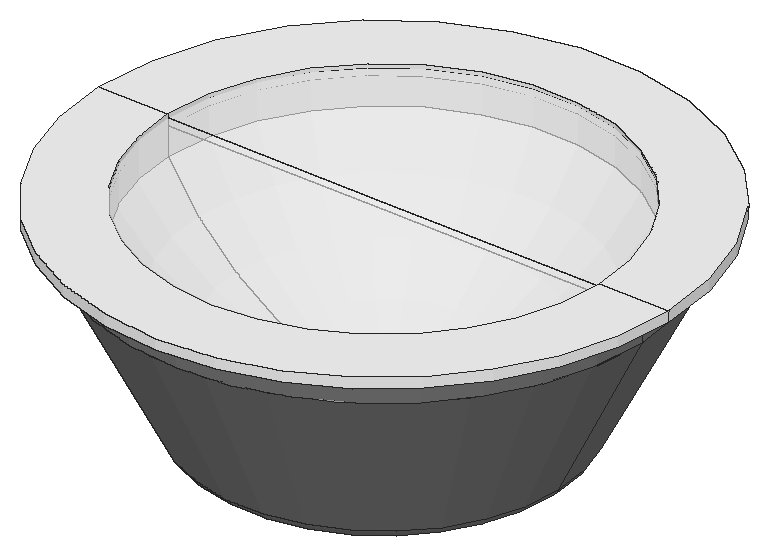
Revit family "30534", category Lighting Fixtures, host Face, Revit 2018
Family settings
  Host = Face
  Round Connector Dimension = Use Diameter
  Part Type = Normal
  OmniClass Number = 23.80.70.00
  OmniClass Title = Lighting
  Cut with Voids When Loaded = No
  Light Source = Yes
  Shared = No
  Room Calculation Point = No
Parameters (values of type "0030534 INSAVER SL U19 IP44 DALI 150 1150LM 830 ")
  WidthBezel_SYL = if(Size1_SYL, 20 mm, if(Size2_SYL, 20 mm, if(Size3PIR_SYL, 30 mm, if(Size4_SYL, 20 mm, 20 mm))))  # 20 mm
  Weight = "n/a"
  Wattage Comments = ""
  Wattage = 12 W
  WarrantyStartDate [instance] = "n/a"
  WarrantyGuarantorParts = "n/a"
  WarrantyDurationUnit = "n/a"
  WarrantyDurationParts = ""
  WarrantyDescription = "http://www.sylvania-lighting.com"
  built-in parameter 1150110 = 1 (stored number, unit not read)
  Voltage = 230 V
  VisibilityPIR_SYL = Size3PIR_SYL  # no
  URL = "0.97"
  TypeName = "Insaver Slim UGR19 IP44 DALI 150 1150lm 830"
  Type Image = <None>
  Type Comments = "n/a"
  built-in parameter 1114217 = 1 (stored number, unit not read)
  Tilt Angle = -90.00°
  built-in parameter 1150109 = 1 (stored number, unit not read)
  built-in parameter 1150134 = (empty or 0)
  built-in parameter 1150113 = 1 (stored number, unit not read)
  Size4_SYL = no
  Size3PIR_SYL = no
  Size2_SYL = no
  Size1_SYL = yes
  SerialNumber [instance] = "n/a"
  RadiusTop_SYL = 6 mm
  RadiusReflector_SYL = if(Size1_SYL, 85 mm, if(Size2_SYL, 85 mm, if(Size3PIR_SYL, 85 mm, if(Size4_SYL, 100 mm, 120 mm))))  # 85 mm
  Photometric Web File = "0030534.IES"
  Material_3_FEILO = Top-Sylvania-STARTDownlight
  PowerFactor = 0.9
  PowerConsumption = "Lighting"
  NominalLength = 165 mm
  NominalHeight = 50 mm
  NominalDepth = 165 mm
  Name = "Insaver Slim UGR19 IP44 DALI 150 1150lm 830"
  ModelReference = Name  # "Insaver Slim UGR19 IP44 DALI 150 1150lm 830"
  ModelNumber = "0030534"
  Model = Name  # "Insaver Slim UGR19 IP44 DALI 150 1150lm 830"
  Material = "Feilo Sylvania"
  ManufacturerName = "121 lm/W"
  Manufacturer = ""
  LuminousEfficacy = ""
  built-in parameter 1150105 = 31.446 (stored number, unit not read)
  Lumens = 395.16 lm
  LuminaireType = "0"
  built-in parameter 1150115 = 1 (stored number, unit not read)
  LightOutputRatio = "LED"
  built-in parameter 1150137 = (empty or 0)
  built-in parameter 1150139 = (empty or 0)
  LampsType = Lamp  # "n/a"
  LampNominalLuminous = "3000 K"
  LampMacAdamStep = "80"
  LampColourTemperature = "LED"
  LampColourRenderingIndex = "16500"
  built-in parameter 1150112 = 1 (stored number, unit not read)
  built-in parameter 1150114 = 1 (stored number, unit not read)
  Lamp = "n/a"
  Keynote = "n/a"
  InstallationDate [instance] = "n/a"
  InputVoltage = "0"
  InputNominalFrequency = "3000"
  built-in parameter 1150132 = (empty or 0)
  built-in parameter 1150102 = (empty or 0)
  built-in parameter 1150107 = 3000 (stored number, unit not read)
  built-in parameter 1150138 = (empty or 0)
  IngressProtection = "IfcLightFixtureType"
  ImpactProtectionIndex = "IfcLightFixtureType"
  built-in parameter 1150106 = 0.31446 (stored number, unit not read)
  IfcExportType = "IfcLightFixtureType"
  IfcExportAs = "Class II"
  Height_SYL = if(Size1_SYL, 61 mm, if(Size2_SYL, 61 mm, if(Size3PIR_SYL, 61 mm, if(Size4_SYL, 61 mm, 60 mm))))  # 61 mm
  HeightBezel_SYL = if(Size1_SYL, 3 mm, if(Size2_SYL, 3 mm, if(Size3PIR_SYL, 3 mm, if(Size4_SYL, 3.2 mm, 3 mm))))  # 3 mm
  ExpectedLife = 50000
  Emit from Circle Diameter = Diameter_SYL - 40 mm  # 125 mm
  Emit Shape Visible in Rendering = no
  ElectricShockClassification = "121"
  built-in parameter 1150104 = 3.0593 (stored number, unit not read)
  DurationUnit = "hours"
  DocumentationLiterature = "http://www.sylvania-lighting.com/product/en-int/products/0030534"
  DimmingControlOptions = "n/a"
  Material_2_FEILO = Diffuser-Sylvania-STARTDownlight
  Dimming Lamp Color Temperature Shift = <None>
  Diameter_SYL = if(Size1_SYL, 165 mm, if(Size2_SYL, 190 mm, if(Size3PIR_SYL, 211 mm, if(Size4_SYL, 220 mm, 240 mm))))  # 165 mm
  DiameterTop_SYL = if(Size1_SYL, 98 mm, if(Size2_SYL, 122 mm, if(Size3PIR_SYL, 120 mm, if(Size4_SYL, 135 mm, 158 mm))))  # 98 mm
  DiameterTopBase_SYL = DiameterRecess_SYL  # 150 mm
  DiameterRecess_SYL = if(Size1_SYL, 150 mm, if(Size2_SYL, 170 mm, if(Size3PIR_SYL, 186 mm, if(Size4_SYL, 200 mm, 225 mm))))  # 150 mm
  Description = "Insaver Slim is a ceiling recessed LED downlight (IP44 from the front),Die-cast aluminium body, loop in loop out connector for quick installation, Dimmable DALI driver of TRIDONIC (LCA 17W 250–700mA one4all SR PRE 28000670), 9.5W; 1150lm; 121lm/W; 3000K; UGR <19 with shallow product depth 50mm. Meets TP(a) requirements."
  Default Elevation = 1219.2 mm
  CreatedOn = "05/03/2024"
  CreatedBy = "@sylvania-lighting.com"
  Cost = 0
  Color Filter = 16777215
  built-in parameter 1114216 [instance] = (empty or 0)
  ClassificationValue = "EF_70_80"
  ClassificationName = "Uniclass2015"
  Material_1_FEILO = Trim-Sylvania-STARTDownlight-White
  BarCode [instance] = "n/a"
  built-in parameter 1114218 = 1 (stored number, unit not read)
  built-in parameter 1150133 = 10 (stored number, unit not read)
  AssetType = "Fixed"
  AssetIdentifier [instance] = "n/a"
  Assembly Code = "D5020200"
  Apparent Load = 9.5 VA
  Material_4_FEILO = LED-Sylvania-STARTDownlight
Reference planes
  plane 1 "Center (Front/Back)": y = 0
  plane 2: z = 0
  plane 3 "Center (Left/Right)": x = 0
  plane 4: x = 82.5
  plane 5: x = -82.5
  plane 6: z = 3
  plane 7: z = -8
  plane 8: z = -58
  plane 9: x = -75
  plane 10: x = 75
  plane 11: x = -49
  plane 12: x = 49
  plane 13: z = -85
  plane 14: x = -62.5
  plane 15: z = 2
  plane 16: z = -46
  plane 17: x = -16
  plane 18: x = -67.5
  plane 19: x = -81.5
  plane 20: x = -99.5
  plane 21: x = -76.5
  plane 22: z = 5.5
  plane 23: z = 8.7
  plane 24: x = -75.5
  plane 25: z = 13.7
Forms (mm)
  Revolve 1, void
    sketch origin (0, 0, 0) x (1, 0, 0) y (0, 0, 1)
      loop
        line (0, 0) -> (-75, 0) -> (-75, -85) -> (0, -85) -> (0, 0)
      axis (0, 0) -> (0, -85)
    angle from 360 to 0
  Revolve 2, solid, material "Trim-Sylvania-STARTDownlight-White" <- "Material_1_FEILO"
    sketch origin (0, 0, 0) x (1, 0, 0) y (0, 0, 1)
      loop
        line (-62.5, 3) -> (-82.5, 3) -> (-82.5, 0) -> (-75, 0) -> (-75, -8) -> (-50.681, -54.768)
        arc (-50.681, -54.768) -> (-48.471, -57.129) -> (-45.357, -58) r 6
        line (-45.357, -58) -> (0, -58) -> (0, -46) -> (-16, -46)
        arc (-16, -46) -> (-42.718, -31.243) -> (-62.5, -8) r 85
        line (-62.5, -8) -> (-62.5, 3)
      axis (0, 3) -> (0, -58)
    angle from 360 to 0
  Revolve 3, solid, material "Diffuser-Sylvania-STARTDownlight" <- "Material_2_FEILO"
    sketch origin (0, 0, 0) x (1, 0, 0) y (0, 0, 1)
      loop
        line (-62.5, 0) -> (0, 0) -> (0, 2) -> (-62.5, 2) -> (-62.5, 0)
      axis (0, 2) -> (0, 0)
    angle from 360 to 0
  Revolve 4, solid, material "Trim-Sylvania-STARTDownlight-White" <- "Material_1_FEILO", visible <- "VisibilityPIR_SYL"
    sketch origin (0, 0, 0) x (1, 0, 0) y (0, 0, 1)
      loop
        line (-67.5, 3) -> (-67.5, 13.7)
        arc (-67.5, 13.7) -> (-72.217, 12.347) -> (-75.5, 8.7) r 8.9
        line (-75.5, 8.7) -> (-75.5, 5.5) -> (-76.5, 5.5) -> (-76.5, 3) -> (-67.5, 3)
      axis (-67.5, 13.7) -> (-67.5, 3)
    angle from 360 to 0
Dimensions and locks
  equal spacing: plane 4, plane 3 "Center (Left/Right)", plane 5
  "Diameter_SYL": plane 4 to plane 5
  equal spacing: plane 10, plane 3 "Center (Left/Right)", plane 9
  equal spacing: plane 12, plane 3 "Center (Left/Right)", plane 11
  "DiameterTop_SYL": plane 12 to plane 11
  "HeightBezel_SYL": plane 6 to plane 2
  "Height_SYL": plane 6 to plane 8
  locked: plane 2 to plane 7 at 8
  locked: plane 2 to plane 13 at 85
  "WidthBezel_SYL": plane 14 to plane 5
  locked: plane 6 to plane 15 at 1
  "DiameterRecess_SYL": plane 10 to plane 9
  locked: plane 3 "Center (Left/Right)" to plane 17 at 16
  locked: plane 16 to plane 8 at 12
  locked: plane 18 to plane 21 at 9
  locked: plane 22 to plane 6 at 2.5
  locked: plane 23 to plane 22 at 3.2
  locked: plane 18 to plane 24 at 8
  locked: plane 25 to plane 23 at 5
  locked: plane 25 to Revolve 4 sketch curve at 8.9
  locked: plane 18 to plane 5 at 15
  "RadiusReflector_SYL": radius of Revolve 2 sketch curve
  "RadiusTop_SYL": radius of Revolve 2 sketch curve
  aligned and locked: plane 2 to host face
  aligned and locked: level to host face
  aligned and locked: Revolve 1 sketch curve to plane 3 "Center (Left/Right)"
  aligned and locked: plane 3 "Center (Left/Right)" to Revolve 1 sketch curve
  aligned and locked: Revolve 1 sketch curve to plane 9
  aligned and locked: plane 13 to Revolve 1 sketch curve
  aligned and locked: plane 3 "Center (Left/Right)" to imposter light
  aligned and locked: imposter light to plane 15
  aligned and locked: imposter light to plane 1 "Center (Front/Back)"
  aligned and locked: Revolve 2 sketch curve to plane 3 "Center (Left/Right)"
  aligned and locked: Revolve 2 sketch curve to plane 6
  aligned and locked: Revolve 2 sketch curve to plane 5
  aligned and locked: Revolve 2 sketch curve to level
  aligned and locked: plane 7 to Revolve 2 sketch curve  (x2)
  aligned and locked: Revolve 2 sketch curve to plane 9
  aligned and locked: plane 8 to Revolve 2 sketch curve
  aligned and locked: Revolve 2 sketch curve to plane 14
  aligned and locked: plane 3 "Center (Left/Right)" to Revolve 2 sketch curve
  aligned and locked: Revolve 2 sketch curve to plane 16
  aligned and locked: Revolve 3 sketch curve to plane 3 "Center (Left/Right)"
  aligned and locked: Revolve 3 sketch curve to level
  aligned and locked: imposter light to Revolve 3 sketch curve  (x2)
  aligned and locked: Revolve 4 sketch curve to plane 18  (x2)
  aligned and locked: Revolve 4 sketch curve to plane 6
  aligned and locked: plane 22 to Revolve 4 sketch curve
  aligned and locked: plane 24 to Revolve 4 sketch curve
  aligned and locked: Revolve 4 sketch curve to Revolve 4 sketch curve
  aligned and locked: plane 21 to Revolve 4 sketch curve
Automatic sketch dimensions
  host sketch curve to host sketch curve = 2438.4 mm  (x2)
  plane 13 to Revolve 1 sketch curve = 524.6 mm
  Revolve 1 sketch curve to plane 6 = 2606.058 mm
  Revolve 1 sketch curve to level = 0 mm
  Revolve 2 sketch curve to plane 17 = 0 mm
  Revolve 2 sketch curve to plane 11 = 1.681 mm
  plane 11 to Revolve 2 sketch curve = 3.643 mm
  plane 13 to Revolve 2 sketch curve = 524.6 mm
  Revolve 2 sketch curve to Revolve 2 sketch curve = 2577.983 mm
  Revolve 3 sketch curve to plane 14 = 0 mm
  plane 13 to Revolve 3 sketch curve = 524.6 mm
  Revolve 3 sketch curve to plane 6 = 2606.058 mm
  Revolve 4 sketch curve to plane 23 = 0 mm
  plane 13 to Revolve 4 sketch curve = 524.6 mm
  Revolve 4 sketch curve to Revolve 4 sketch curve = 2595.358 mm
Connectors
  electrical at (0, 0, 0), driven by "Apparent Load", driven by "PowerFactor", driven by "Voltage"
    settings: index 1, voltage 230 V, apparent load 9.5 VA, apparent load phase1 0 VA, apparent load phase2 0 VA, apparent load phase3 0 VA, power factor 0.9, load classification "Lighting", number of poles 1, system type 30, power factor state 1, is connector primary yes, connector utility no, sub classification motor no, connector description ""
